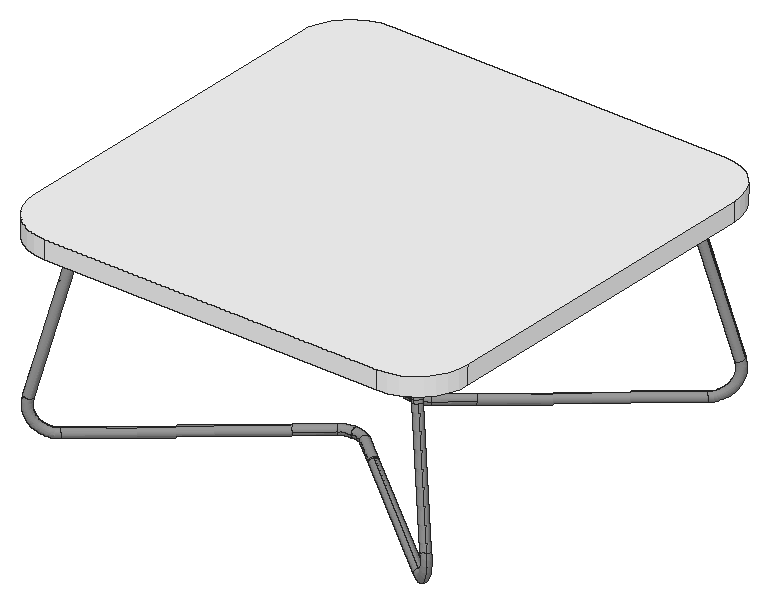
Revit family "Adore Soft Square", category Furniture, Revit 2019
Family settings
  OmniClass Number = 23.40.20.00
  OmniClass Title = General Furniture and Specialties
  Work Plane-Based = No
  Always vertical = Yes
  Cut with Voids When Loaded = No
  Shared = No
  Room Calculation Point = No
Parameters (values of type "600 x 600 x 275")
  Width = 600 mm  # constant formula
  URL = "www.gof.co.uk"
  Type Comments = ""
  Range = "ADORE"
  Product Code = "AD66"
  Table Top = Gresham - White MFC
  Model = ""
  Manufacturer = "Gresham Office Furniture"  # constant formula
  Frame = Gresham - Chrome Plated
  Depth = 600 mm  # constant formula
  Assembly Code = "E2020200"
Reference planes
  plane 1 "Center (Front/Back)": y = 0
  plane 2: z = -0.91
  plane 3 "Center (Left/Right)": x = 0
  plane 4: x = -300
  plane 5: x = 300
  plane 6 "Table Underside": z = 249.09
  plane 7: y = 300
  plane 8: y = -300
  plane 9: through (257.702, 1524, 132.631) normal (0.978, 0, 0.2087)
  plane 10: z = 6.109
  plane 11: through (-257.702, 1524, 132.631) normal (0.978, 0, -0.2087)
  plane 12: z = 6.109
  plane 13: through (257.702, -1524, 132.631) normal (-0.978, 0, -0.2087)
  plane 14: z = 6.109
  plane 15: through (-257.702, -1524, 132.631) normal (-0.978, 0, 0.2087)
  plane 16: z = 6.109
Forms (mm)
  Extrusion 1, solid, material "Gresham - White MFC" <- "Table Top"
    sketch origin (0, 0, 249.09) x (-1, 0, 0) y (0, -1, 0)
      loop
        line (-230, -300) -> (230, -300)
        arc (230, -300) -> (279.497, -279.497) -> (300, -230) r 70
        line (300, -230) -> (300, 230)
        arc (300, 230) -> (279.497, 279.497) -> (230, 300) r 70
        line (230, 300) -> (-230, 300)
        arc (-230, 300) -> (-279.497, 279.497) -> (-300, 230) r 70
        line (-300, 230) -> (-300, -230)
        arc (-300, -230) -> (-279.497, -279.497) -> (-230, -300) r 70
    from 0 to 25
  Sweep 2, solid, material "Gresham - Chrome Plated" <- "Frame"
    path origin (280.154, 276.49, 10) x (-0.766044, -0.642788, 0) y (0, 0, 1)
      loop
        line (292.08, -3.891) -> (42.08, -3.891)
        arc (42.08, -3.891) -> (13.036, 10.522) -> (6.947, 42.37) r 36.472
        line (6.947, 42.37) -> (51.672, 202.893)
    profile origin (152.163, 169.093, 6.109) x (0, 0, -1) y (-0.642788, 0.766044, 0)
      loop
        circle (0, 0) r 6
  Sweep 3, solid, material "Gresham - Chrome Plated" <- "Frame"
    path origin (0, 0, 6.221) x (-1, 0, 0) y (0, -1, 0)
      loop
        line (-56.407, -88.744) -> (-19.468, -57.749)
        arc (-19.468, -57.749) -> (-10.357, -52.564) -> (0, -50.938) r 29.152
    profile origin (37.938, 73.247, 6.221) x (0.642788, -0.766044, 0) y (0, 0, 1)
      loop
        circle (0, 0) r 6
  Extrusion 4, solid, material "Gresham - Chrome Plated" <- "Frame"
    sketch origin (0, 41.637, 12.11) x (-1, 0, 0) y (0, -1, 0)
      loop
        line (-232.851, -94.384) -> (-232.851, -134.384) -> (232.851, -134.384) -> (232.851, -94.384) -> (-232.851, -94.384)
    from 233.98 to 236.98
  Sweep 5, solid, material "Gresham - Chrome Plated" <- "Frame"
    path origin (284.835, 40.181, 4.645) x (0, -1, 0) y (0.207912, 0, -0.978148)
      loop
        line (-203.18, -212.876) -> (-202.405, -217.205)
        arc (-202.405, -217.205) -> (-191.458, -236.078) -> (-170.951, -243.526) r 31.954
        line (-170.951, -243.526) -> (-95.841, -243.526)
    profile origin (240.125, 242.973, 214.986) x (0.036652, -0.984339, -0.172435) y (0.978148, 0, 0.207912)
      loop
        circle (0, 0) r 6
  Sweep 6, solid, material "Gresham - Chrome Plated" <- "Frame"
    path origin (-280.154, 276.49, 10) x (0.766044, -0.642788, 0) y (0, 0, -1)
      loop
        line (292.08, 3.891) -> (42.08, 3.891)
        arc (42.08, 3.891) -> (13.036, -10.522) -> (6.947, -42.37) r 36.472
        line (6.947, -42.37) -> (51.672, -202.893)
    profile origin (-152.163, 169.093, 6.109) x (0, 0, 1) y (0.642788, 0.766044, 0)
      loop
        circle (0, 0) r 6
  Sweep 7, solid, material "Gresham - Chrome Plated" <- "Frame"
    path origin (0, 0, 6.221) x (1, 0, 0) y (0, 1, 0)
      loop
        line (-56.407, 88.744) -> (-19.468, 57.749)
        arc (-19.468, 57.749) -> (-10.357, 52.564) -> (0, 50.938) r 29.152
    profile origin (-37.938, 73.247, 6.221) x (0.642788, 0.766044, 0) y (0, 0, 1)
      loop
        circle (0, 0) r 6
  Sweep 8, solid, material "Gresham - Chrome Plated" <- "Frame"
    path origin (-284.835, 40.181, 4.645) x (0, -1, 0) y (0.207912, 0, 0.978148)
      loop
        line (-203.18, 212.876) -> (-202.405, 217.205)
        arc (-202.405, 217.205) -> (-191.458, 236.078) -> (-170.951, 243.526) r 31.954
        line (-170.951, 243.526) -> (-95.841, 243.526)
    profile origin (-240.125, 242.973, 214.986) x (0.036652, 0.984339, 0.172435) y (-0.978148, 0, 0.207912)
      loop
        circle (0, 0) r 6
  Sweep 9, solid, material "Gresham - Chrome Plated" <- "Frame"
    path origin (280.154, -276.49, 10) x (-0.766044, 0.642788, 0) y (0, 0, -1)
      loop
        line (292.08, 3.891) -> (42.08, 3.891)
        arc (42.08, 3.891) -> (13.036, -10.522) -> (6.947, -42.37) r 36.472
        line (6.947, -42.37) -> (51.672, -202.893)
    profile origin (152.163, -169.093, 6.109) x (0, 0, 1) y (-0.642788, -0.766044, 0)
      loop
        circle (0, 0) r 6
  Sweep 10, solid, material "Gresham - Chrome Plated" <- "Frame"
    path origin (0, 0, 6.221) x (-1, 0, 0) y (0, -1, 0)
      loop
        line (-56.407, 88.744) -> (-19.468, 57.749)
        arc (-19.468, 57.749) -> (-10.357, 52.564) -> (0, 50.938) r 29.152
    profile origin (37.938, -73.247, 6.221) x (-0.642788, -0.766044, 0) y (0, 0, 1)
      loop
        circle (0, 0) r 6
  Sweep 11, solid, material "Gresham - Chrome Plated" <- "Frame"
    path origin (284.835, -40.181, 4.645) x (0, 1, 0) y (-0.207912, 0, 0.978148)
      loop
        line (-203.18, 212.876) -> (-202.405, 217.205)
        arc (-202.405, 217.205) -> (-191.458, 236.078) -> (-170.951, 243.526) r 31.954
        line (-170.951, 243.526) -> (-95.841, 243.526)
    profile origin (240.125, -242.973, 214.986) x (-0.036652, -0.984339, 0.172435) y (0.978148, 0, 0.207912)
      loop
        circle (0, 0) r 6
  Sweep 12, solid, material "Gresham - Chrome Plated" <- "Frame"
    path origin (-280.154, -276.49, 10) x (0.766044, 0.642788, 0) y (0, 0, 1)
      loop
        line (292.08, -3.891) -> (42.08, -3.891)
        arc (42.08, -3.891) -> (13.036, 10.522) -> (6.947, 42.37) r 36.472
        line (6.947, 42.37) -> (51.672, 202.893)
    profile origin (-152.163, -169.093, 6.109) x (0, 0, -1) y (0.642788, -0.766044, 0)
      loop
        circle (0, 0) r 6
  Sweep 13, solid, material "Gresham - Chrome Plated" <- "Frame"
    path origin (0, 0, 6.221) x (1, 0, 0) y (0, 1, 0)
      loop
        line (-56.407, -88.744) -> (-19.468, -57.749)
        arc (-19.468, -57.749) -> (-10.357, -52.564) -> (0, -50.938) r 29.152
    profile origin (-37.938, -73.247, 6.221) x (-0.642788, 0.766044, 0) y (0, 0, 1)
      loop
        circle (0, 0) r 6
  Sweep 14, solid, material "Gresham - Chrome Plated" <- "Frame"
    path origin (-284.835, -40.181, 4.645) x (0, 1, 0) y (-0.207912, 0, -0.978148)
      loop
        line (-203.18, -212.876) -> (-202.405, -217.205)
        arc (-202.405, -217.205) -> (-191.458, -236.078) -> (-170.951, -243.526) r 31.954
        line (-170.951, -243.526) -> (-95.841, -243.526)
    profile origin (-240.125, -242.973, 214.986) x (-0.036652, 0.984339, -0.172435) y (-0.978148, 0, 0.207912)
      loop
        circle (0, 0) r 6
  Extrusion 15, solid, material "Gresham - Chrome Plated" <- "Frame"
    sketch origin (0, -41.637, 12.11) x (-1, 0, 0) y (0, -1, 0)
      loop
        line (-232.851, 94.384) -> (232.851, 94.384) -> (232.851, 134.384) -> (-232.851, 134.384) -> (-232.851, 94.384)
    from 233.98 to 236.98
Dimensions and locks
  plane 6 "Table Underside" to plane 2 = 250 mm
  equal spacing: plane 4, plane 3 "Center (Left/Right)", plane 5
  "Width": plane 4 to plane 5
  equal spacing: plane 7, plane 1 "Center (Front/Back)", plane 8
  "Depth": plane 7 to plane 8
  Extrusion 1 to level = 275 mm
  locked: Extrusion 1 to Extrusion 1 at 25
  Sweep 5 to Extrusion 1 = 67.045 mm
  radius of Extrusion 1 sketch curve = 70 mm  (x4)
  aligned and locked: level to plane 2
  aligned and locked: Extrusion 1 to plane 4  (x2)
  aligned and locked: Extrusion 1 to plane 8
  aligned and locked: Extrusion 1 to plane 5
  aligned and locked: plane 7 to Extrusion 1
  aligned and locked: Extrusion 1 sketch curve to plane 4
  aligned and locked: Extrusion 1 sketch curve to plane 8
  aligned and locked: Extrusion 1 sketch curve to plane 5
  aligned and locked: plane 7 to Extrusion 1 sketch curve
Automatic sketch dimensions
  level to Sweep 2 sketch curve = 53.28 mm
  Sweep 2 sketch curve to Sweep 2 sketch curve = 35.134 mm
  Sweep 2 sketch curve to Sweep 2 sketch curve = 9.789 mm
  Sweep 2 sketch curve to plane 6 "Table Underside" = 36.197 mm
  Sweep 2 sketch curve to Sweep 2 sketch curve = 44.725 mm
  Sweep 2 sketch curve to Sweep 2 sketch curve = 250 mm
  profile plane to Sweep 2 sketch curve = 0 mm
  Sweep 2 sketch curve to profile plane = 0 mm
  Sweep 3 sketch curve to plane 3 "Center (Left/Right)" = 0 mm
  plane 3 "Center (Left/Right)" to Sweep 3 sketch curve = 0.73 mm
  plane 3 "Center (Left/Right)" to Sweep 3 sketch curve = 19.468 mm
  Sweep 3 sketch curve to plane 1 "Center (Front/Back)" = 80.081 mm
  Sweep 3 sketch curve to Sweep 3 sketch curve = 22.332 mm
  Sweep 3 sketch curve to Sweep 3 sketch curve = 36.939 mm
  Sweep 3 sketch curve to Sweep 3 sketch curve = 30.995 mm
  Sweep 3 sketch curve to profile plane = 0 mm  (x2)
  plane 5 to Extrusion 4 sketch curve = 67.149 mm
  plane 4 to Extrusion 4 sketch curve = 67.149 mm
  Extrusion 4 sketch curve to plane 7 = 123.978 mm
  Extrusion 4 sketch curve to Extrusion 4 sketch curve = 40 mm
  Sweep 5 sketch curve to plane 7 = 57.414 mm
  Sweep 5 sketch curve to Sweep 5 sketch curve = 31.454 mm
  Sweep 5 sketch curve to Sweep 5 sketch curve = 26.321 mm
  Sweep 5 sketch curve to Sweep 5 sketch curve = 0.775 mm
  Sweep 5 sketch curve to Sweep 5 sketch curve = 75.11 mm
  Sweep 5 sketch curve to Sweep 5 sketch curve = 4.329 mm
  Sweep 5 sketch curve to profile plane = 0 mm  (x2)
  level to Sweep 6 sketch curve = 53.28 mm
  Sweep 6 sketch curve to Sweep 6 sketch curve = 35.134 mm
  Sweep 6 sketch curve to Sweep 6 sketch curve = 9.789 mm
  Sweep 6 sketch curve to plane 6 "Table Underside" = 36.197 mm
  Sweep 6 sketch curve to Sweep 6 sketch curve = 44.725 mm
  Sweep 6 sketch curve to Sweep 6 sketch curve = 250 mm
  Sweep 6 sketch curve to profile plane = 0 mm  (x2)
  Sweep 7 sketch curve to plane 3 "Center (Left/Right)" = 0 mm
  Sweep 7 sketch curve to plane 3 "Center (Left/Right)" = 0.73 mm
  Sweep 7 sketch curve to plane 3 "Center (Left/Right)" = 19.468 mm
  Sweep 7 sketch curve to plane 1 "Center (Front/Back)" = 57.749 mm
  Sweep 7 sketch curve to Sweep 7 sketch curve = 22.332 mm
  Sweep 7 sketch curve to Sweep 7 sketch curve = 36.939 mm
  Sweep 7 sketch curve to Sweep 7 sketch curve = 30.995 mm
  Sweep 7 sketch curve to profile plane = 0 mm  (x2)
  Sweep 8 sketch curve to plane 7 = 57.414 mm
  Sweep 8 sketch curve to Sweep 8 sketch curve = 31.454 mm
  Sweep 8 sketch curve to Sweep 8 sketch curve = 5.633 mm
  Sweep 8 sketch curve to Sweep 8 sketch curve = 0.775 mm
  Sweep 8 sketch curve to Sweep 8 sketch curve = 75.11 mm
  Sweep 8 sketch curve to Sweep 8 sketch curve = 4.329 mm
  profile plane to Sweep 8 sketch curve = 0 mm
  Sweep 8 sketch curve to profile plane = 0 mm
  level to Sweep 9 sketch curve = 53.28 mm
  Sweep 9 sketch curve to Sweep 9 sketch curve = 35.134 mm
  Sweep 9 sketch curve to Sweep 9 sketch curve = 9.789 mm
  Sweep 9 sketch curve to plane 6 "Table Underside" = 36.197 mm
  Sweep 9 sketch curve to Sweep 9 sketch curve = 44.725 mm
  Sweep 9 sketch curve to Sweep 9 sketch curve = 250 mm
  profile plane to Sweep 9 sketch curve = 0 mm
  Sweep 9 sketch curve to profile plane = 0 mm
  Sweep 10 sketch curve to plane 3 "Center (Left/Right)" = 0 mm
  plane 3 "Center (Left/Right)" to Sweep 10 sketch curve = 0.73 mm
  plane 3 "Center (Left/Right)" to Sweep 10 sketch curve = 19.468 mm
  plane 1 "Center (Front/Back)" to Sweep 10 sketch curve = 57.749 mm
  Sweep 10 sketch curve to Sweep 10 sketch curve = 22.332 mm
  Sweep 10 sketch curve to Sweep 10 sketch curve = 36.939 mm
  Sweep 10 sketch curve to Sweep 10 sketch curve = 30.995 mm
  Sweep 10 sketch curve to profile plane = 0 mm
  profile plane to Sweep 10 sketch curve = 0 mm
  plane 8 to Sweep 11 sketch curve = 57.414 mm
  Sweep 11 sketch curve to Sweep 11 sketch curve = 31.454 mm
  Sweep 11 sketch curve to Sweep 11 sketch curve = 5.633 mm
  Sweep 11 sketch curve to Sweep 11 sketch curve = 0.775 mm
  Sweep 11 sketch curve to Sweep 11 sketch curve = 75.11 mm
  Sweep 11 sketch curve to Sweep 11 sketch curve = 4.329 mm
  Sweep 11 sketch curve to profile plane = 0 mm
  profile plane to Sweep 11 sketch curve = 0 mm
  level to Sweep 12 sketch curve = 53.28 mm
  Sweep 12 sketch curve to Sweep 12 sketch curve = 35.134 mm
  Sweep 12 sketch curve to Sweep 12 sketch curve = 9.789 mm
  Sweep 12 sketch curve to plane 6 "Table Underside" = 36.197 mm
  Sweep 12 sketch curve to Sweep 12 sketch curve = 44.725 mm
  Sweep 12 sketch curve to Sweep 12 sketch curve = 250 mm
  Sweep 12 sketch curve to profile plane = 0 mm  (x2)
  Sweep 13 sketch curve to plane 3 "Center (Left/Right)" = 0 mm
  Sweep 13 sketch curve to plane 3 "Center (Left/Right)" = 0.73 mm
  Sweep 13 sketch curve to plane 3 "Center (Left/Right)" = 19.468 mm
  plane 1 "Center (Front/Back)" to Sweep 13 sketch curve = 80.081 mm
  Sweep 13 sketch curve to Sweep 13 sketch curve = 22.332 mm
  Sweep 13 sketch curve to Sweep 13 sketch curve = 36.939 mm
  Sweep 13 sketch curve to Sweep 13 sketch curve = 30.995 mm
  Sweep 13 sketch curve to profile plane = 0 mm
  profile plane to Sweep 13 sketch curve = 0 mm
  plane 8 to Sweep 14 sketch curve = 57.414 mm
  Sweep 14 sketch curve to Sweep 14 sketch curve = 31.454 mm
  Sweep 14 sketch curve to Sweep 14 sketch curve = 26.321 mm
  Sweep 14 sketch curve to Sweep 14 sketch curve = 0.775 mm
  Sweep 14 sketch curve to Sweep 14 sketch curve = 75.11 mm
  Sweep 14 sketch curve to Sweep 14 sketch curve = 4.329 mm
  profile plane to Sweep 14 sketch curve = 0 mm  (x2)
  plane 5 to Extrusion 15 sketch curve = 67.149 mm
  plane 4 to Extrusion 15 sketch curve = 67.149 mm
  plane 1 "Center (Front/Back)" to Extrusion 15 sketch curve = 136.022 mm
  Extrusion 15 sketch curve to Extrusion 15 sketch curve = 40 mm
  radius of Sweep 2 sketch curve = 6 mm
  radius of Sweep 3 sketch curve = 6 mm
  radius of Sweep 5 sketch curve = 6 mm
  radius of Sweep 6 sketch curve = 6 mm
  radius of Sweep 7 sketch curve = 6 mm
  radius of Sweep 8 sketch curve = 6 mm
  radius of Sweep 9 sketch curve = 6 mm
  radius of Sweep 10 sketch curve = 6 mm
  radius of Sweep 11 sketch curve = 6 mm
  radius of Sweep 12 sketch curve = 6 mm
  radius of Sweep 13 sketch curve = 6 mm
  radius of Sweep 14 sketch curve = 6 mm
